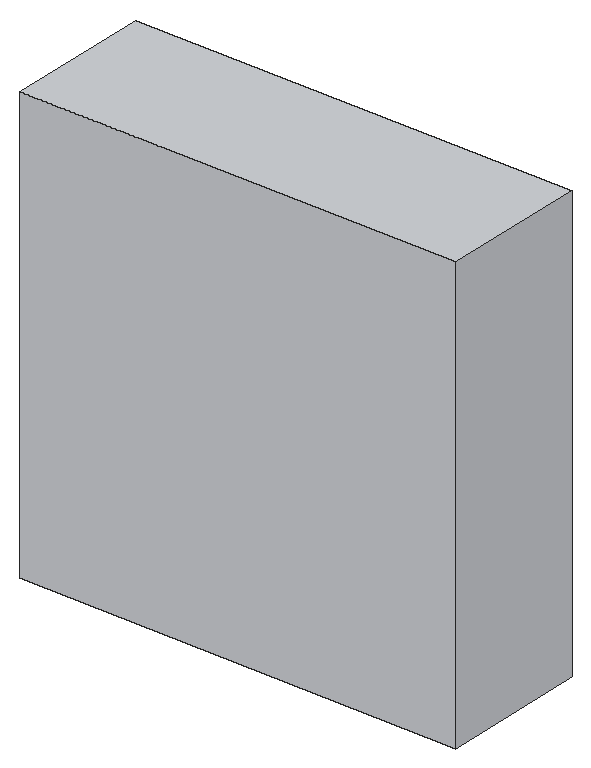
Revit family "АВЛН_Оборудование", category Мебель, Revit 2019
Family settings
  Номер OmniClass = 23.40.20.00
  Заголовок OmniClass = General Furniture and Specialties
  На основе рабочей плоскости = Нет
  Всегда вертикально = Да
  При загрузке вырезать с полостями = Нет
  Общий = Да
  Точка расчета площади = Нет
Parameters (values of type "Стойка для зарядки мобильных устройств")
  Целиндр = no
  Прямоугольник = yes
  Описание = "Стойка для зарядки мобильных устройств"
  Мыш компьютерная = no
  Монитор = no
  Куллер = no
  Компьютер Монитор Кронштейн = no
  Компьютер Монитор Клавиатура = no
  Type Comments = ""
  Keynote = ""
  Manufacturer = ""
  Группа модели = "Дополнительное оборудование"
  ADSK_Размер_Ширина = 300 mm
  ADSK_Размер_Длина = 100 mm
  ADSK_Размер_Высота = 300 mm
  ADSK_Обозначение = ""
  ADSK_Масса = 0
  ADSK_Код изделия = ""
  ADSK_Единица измерения = "шт"  # constant formula
Types (30, lengths in mm): name | Целиндр | Прямоугольник | Описание | Мыш компьютерная | Монитор | Куллер | Компьютер Монитор Кронштейн | Компьютер Монитор Клавиатура | Manufacturer | Группа модели | ADSK_Размер_Ширина | ADSK_Размер_Длина | ADSK_Размер_Высота | ADSK_Обозначение
  (no name) | no | yes | "Стойка для зарядки мобильных устройств" | no | no | no | no | no | "" | "Дополнительное оборудование" | 300 | 100 | 300 | ""
  Персональный компьютер Tiny | no | yes | "Персональный компьютер Tiny M710q I3-7100T 4Gb\r\n1TB Intel HD NoDVD INTEL_3165+BT_1X1AC USB\r\nKB&Mouse W10_P64-RUS 3Y on-site" | no | no | no | no | no | "Lenovo" | "Оборудование основных помещений школы" | 180 | 180 | 40 | "10MR005KRU"
  Клавиатура и мышь беспроводные | no | yes | "Клавиатура и мышь беспроводные" | yes | no | no | no | no | "Lenovo" | "Оборудование основных помещений школы" | 430 | 210 | 25 | "GX30N81780"
  Сетевой фильтр КОСМОС | no | yes | "Сетевой фильтр КОСМОС FKsm5m-5g(W) 5м 5 гнезд,\r\nбелый BL1" | no | no | no | no | no | "КОСМОС" | "Оборудование основных помещений школы" | 260 | 55 | 40 | "FKsm5m-5g(W)"
  Комплект электрооборудования для кабинета | no | yes | "Комплект электрооборудования для кабинета\r\nЭ1Ф; 1,4кВт" | no | no | no | no | no | "" | "Оборудование основных помещений школы" | 50 | 50 | 50 | "КЭСФ1-2"
  Чайник электрический | yes | no | "Чайник электрический, габариты 19х17х18см\r\nнагревательный элемент – скрытая спираль\r\nпокрытие нагревательного элемента – нержавеющая\r\nсталь\r\nобъем 1,7л 2200Вт;" | no | no | no | no | no | "Китай" | "Оборудование основных помещений школы" | 180 | 170 | 190 | "Tefal KI150D30"
  Микроволновая печь | no | yes | "Микроволновая печь; габ.45,2х26,2х33,5см" | no | no | no | no | no | "" | "Оборудование основных помещений школы" | 180 | 170 | 190 | "Gorenje MO17MW"
  Телевизор LED- 4K UHD | no | yes | "Телевизор LED- 4K UHD; габ.1128x658x86мм, Э1Ф;\r\n220В; 0,13кВт" | no | no | no | no | no | "Торговая сеть" | "Оборудование основных помещений школы" | 1130 | 86 | 660 | "LG 50UK6750"
  Кулер для воды напольный с нижней загрузкой | no | no | "Кулер для воды напольный с нижней загрузкой\r\nбутыли\r\nтип охлаждения - компрессорное\r\nподача воды - горячая/холодная/комнатная\r\nпараметры охлаждения - до 10 ºС; 2,5л/ч, 120Вт\r\nпараметры нагрева - от 87 ºС; 6л/ч; 650Вт\r\nгабариты 31х38,5см, 18кг" | no | no | yes | no | no | "" | "Оборудование основных помещений школы" | 320 | 380 | 1060 | "AEL LC-AEL-770 a\r\nblack"
  Электровафельница | no | yes | "Электровафельница Э1ф, 220 В, 0,8кВт" | no | no | no | no | no | "" | "Оборудование основных помещений школы" | 170 | 150 | 50 | ""
  Пароварка | no | yes | "Пароварка Э1ф, 220 В, 1,2кВт" | no | no | no | no | no | "" | "Оборудование основных помещений школы" | 30 | 30 | 35 | ""
  Кухонный комбайн | no | yes | "Кухонный комбайн Э1ф, 220 В, 0,8кВт" | no | no | no | no | no | "" | "Оборудование основных помещений школы" | 300 | 300 | 500 | ""
  Печь микроволновая | no | yes | "Печь микроволновая Э1ф, 220 В, 1,8кВт" | no | no | no | no | no | "" | "Оборудование основных помещений школы" | 180 | 170 | 190 | ""
  Облучатель-рециркулятор воздуха настенный | no | yes | "Облучатель-рециркулятор воздуха\r\nультрафиолетовый бактерицидный настенный\r\n\"ОРУБн-3-3-\"КРОНТ\" (Дезар-3) Э1Ф; 220В;\r\n0,003кВт\r\n890х370х140мм" | no | no | no | no | no | "«Медремкомплект»" | "Оборудование основных помещений школы" | 890 | 370 | 1400 | "ДЕЗАР-3"
  Облучатель-рециркулятор воздуха УФ-бактерицидный настенны | no | yes | "Облучатель-рециркулятор воздуха УФ\u0002бактерицидный настенный \"ОРУБн2-01 \"КРОНТ\"\r\n(Дезар-2)\r\nЭ1Ф; 230В; 35 Вт\r\n605х365х145мм" | no | no | no | no | no | "«Медремкомплект»" | "Оборудование основных помещений школы" | 605 | 370 | 1450 | "ДЕЗАР-2"
  Машина швейная бытовая с электроприводом | no | yes | "Машина швейная бытовая с электроприводом;\r\nЭ1Ф;0,27кВт" | no | no | no | no | no | "" | "Оборудование основных помещений школы" | 615 | 270 | 600 | ""
  Оверлог | no | yes | "Оверлог" | no | no | no | no | no | "" | "Оборудование основных помещений школы" | 615 | 270 | 600 | ""
  Аппарат для дистилляции воды, 4л/ч | no | yes | "Аппарат для дистилляции воды, 4л/ч;\r\nгаб.360х220х660мм, Э1Ф; 3 кВт" | no | no | no | no | no | "НПО \"Лаборкомплект\"" | "Оборудование основных помещений школы" | 360 | 220 | 660 | "ДЭ-4"
  Монитор T2224d | no | no | "Монитор T2224d, 21,5\" 16:9 IPS 1920x1080 7ms 1000:1\r\n250 178/178 VGA///DP//Tilt" | no | yes | no | no | no | "Lenovo" | "Оборудование основных помещений школы" | 550 | 30 | 510 | "61B1JAT1EU"
  Монитор DS-D5055FL | no | no | "Монитор DS-D5055FL; 240В; 190Вт" | no | yes | no | no | no | "Lenovo" | "Оборудование основных помещений школы" | 550 | 30 | 510 | "Lenovo\r\nHIKVISION"
  KB&Mouse W10 | no | yes | "KB&Mouse W10_P64-RUS 3Y on-site" | yes | no | no | no | no | "Lenovo" | "Оборудование основных помещений школы" | 430 | 210 | 25 | ""
  МОНИТОР ACER V176LB 17" | no | no | "МОНИТОР ACER V176LB 17\"\r\n(1280x1024/5ms/100M:1/D-Sub/Black/LED)" | no | yes | no | no | no | "Lenovo" | "Оборудование основных помещений школы" | 550 | 30 | 510 | ""
  Кронштейн DS-DM5555D | yes | no | "Кронштейн DS-DM5555D" | no | no | no | no | no | "Lenovo" | "Оборудование основных помещений школы" | 30 | 30 | 510 | "VESA"
  Персональный компьютер Монитор Кронштейн | no | yes | "Персональный компьютер Tiny M710q I3-7100T 4Gb\r\n1TB Intel HD NoDVD INTEL_3165+BT_1X1AC USB\r\nKB&Mouse W10_P64-RUS 3Y on-site\r\nМонитор DS-D5055FL; 240В; 190Вт\r\nКронштейн DS-DM5555D" | no | no | no | yes | no | "Lenovo" | "Оборудование основных помещений школы" | 180 | 180 | 40 | "Lenovo\r\nHIKVISION;\r\nVESA"
  Персональный компьютер Монитор Клавиатура | no | yes | "Персональный компьютер Tiny M710q I3-7100T 4Gb\r\n1TB Intel HD NoDVD INTEL_3165+BT_1X1AC USB\r\nKB&Mouse W10_P64-RUS 3Y on-site" | no | no | no | no | yes | "Lenovo" | "Оборудование основных помещений школы" | 180 | 180 | 40 | "10MR005KRU"
  Музыкальный центр | no | yes | "Музыкальный центр" | no | no | no | no | no | "" | "Оборудование Спортивной зоны" | 400 | 740 | 600 | ""
  МФУ (принтер, сканер, ксерокс) технология печати | no | yes | "МФУ (принтер, сканер, ксерокс) технология печати\r\n— ла-зерный, формат печати — A4" | no | no | no | no | no | "Xerox" | "Дополнительное оборудование" | 300 | 300 | 500 | "WorkCentre 3025BI"
  Интерактивная панель | no | yes | "Интерактивная панель" | no | no | no | no | no | "NEWLINE" | "Дополнительное оборудование" | 300 | 100 | 300 | "TRUTOUCH TT-\r\n6517FB"
  Интерактивная стойка со встроенным планшетом | no | yes | "Интерактивная стойка со встроенным планшетом" | no | no | no | no | no | "rektor.ru" | "Дополнительное оборудование" | 300 | 100 | 300 | "ZA010006655771RU"
  Стойка для зарядки мобильных устройств | no | yes | "Стойка для зарядки мобильных устройств" | no | no | no | no | no | "" | "Дополнительное оборудование" | 300 | 100 | 300 | ""
Reference planes
  plane 1 "По центру (Вперед/Назад)": y = 0
  plane 2: z = 0
  plane 3 "По центру (Влево/Вправо)": x = 0
  plane 4: z = 300
  plane 5: y = 50
  plane 6: x = 150
  plane 7: x = -150
  plane 8: y = -50
Forms (mm)
  Extrusion 1, solid, visible <- "Прямоугольник"
    sketch origin (0, -518.993, 592.976) x (-1, 0, 0) y (0, -1, 0)
      loop
        line (150, -568.993) -> (150, -468.993) -> (-150, -468.993) -> (-150, -568.993) -> (150, -568.993)
    from -592.976 to -292.976
  Extrusion 2, solid, visible <- "Целиндр"
    sketch origin (0, -518.993, 592.976) x (-1, 0, 0) y (0, -1, 0)
      loop
        circle (0, -518.993) r 150
    from -592.976 to -292.976
  Extrusion 3, solid, visible <- "Куллер"
    sketch origin (0, -518.993, 592.976) x (-1, 0, 0) y (0, -1, 0)
      loop
        arc (150, -453.993) -> (0, -303.993) -> (-150, -453.993) r 150
        line (-150, -453.993) -> (-150, -568.993) -> (150, -568.993) -> (150, -453.993)
    from -592.976 to -292.976
  Extrusion 4, solid, visible <- "Монитор"
    sketch origin (0, -518.993, 592.976) x (-1, 0, 0) y (0, -1, 0)
      loop
        line (44.997, -419.155) -> (-44.997, -419.155) -> (-44.997, -589.155) -> (44.997, -589.155) -> (44.997, -419.155)
    from -592.976 to -577.976
  Extrusion 5, solid, visible <- "Монитор"
    sketch origin (0, -518.993, 910.63) x (-1, 0, 0) y (0, -1, 0)
      loop
        line (-150, -468.993) -> (-150, -568.993) -> (150, -568.993) -> (150, -468.993) -> (-150, -468.993)
    from -780.63 to -610.63
  Extrusion 6, solid, visible <- "Монитор"
    sketch origin (0, -518.993, 592.976) x (-1, 0, 0) y (0, -1, 0)
      loop
        line (18.585, -568.993) -> (-18.585, -568.993) -> (-18.585, -589.155) -> (18.585, -589.155) -> (18.585, -568.993)
    from -577.976 to -262.976
Lines and regions (mm)
  symbolic lines, visible <- "Куллер"
    curve 1: circle (0, 0, 592.976) r 140 normal (0, 0, 1)
  symbolic lines, visible <- "Мыш компьютерная"
    curve 2: line (202.122, 16.517, 592.976) -> (262.122, 16.517, 592.976)
    curve 3: line (262.122, 16.517, 592.976) -> (271.18, 37.71, 592.976)
    curve 4: line (202.122, 16.517, 592.976) -> (193.063, -17.29, 592.976)
    curve 5: line (193.063, -17.29, 592.976) -> (193.063, -7.29, 592.976)
    curve 6: line (271.18, 37.71, 592.976) -> (271.18, -7.29, 592.976)
    curve 7: arc (193.063, -7.29, 592.976) -> (232.122, -46.349, 592.976) -> (271.18, -7.29, 592.976) r 39.059
Dimensions and locks
  plane 2 to plane 4 = 300 mm
  equal spacing: plane 5, plane 1 "По центру (Вперед/Назад)", plane 8
  equal spacing: plane 7, plane 3 "По центру (Влево/Вправо)", plane 6
  "ADSK_Размер_Ширина": plane 7 to plane 6
  "ADSK_Размер_Длина": plane 5 to plane 8
  "ADSK_Размер_Высота": level to plane 4
  equal spacing: Extrusion 4 sketch curve, plane 3 "По центру (Влево/Вправо)", Extrusion 4 sketch curve
  locked: Extrusion 4 to Extrusion 4 at 15
  Extrusion 5 sketch curve to Extrusion 5 sketch curve = 300 mm
  locked: Extrusion 2 to Extrusion 5 at 130
  equal spacing: Extrusion 6 sketch curve, plane 3 "По центру (Влево/Вправо)", Extrusion 6 sketch curve
  locked: level to Extrusion 6 at 330
  locked: plane 8 to nested 1 at 35
  locked: plane 3 "По центру (Влево/Вправо)" to nested 2 at 260  (x2)
  "ADSK_Размер_Ширина": diameter of Extrusion 2 sketch curve
  "ADSK_Размер_Ширина": diameter of Extrusion 3 sketch curve
  aligned and locked: level to plane 2
  aligned and locked: Extrusion 1 sketch curve to plane 5
  aligned and locked: plane 7 to Extrusion 1 sketch curve
  aligned and locked: plane 8 to Extrusion 1 sketch curve
  aligned and locked: Extrusion 1 sketch curve to plane 6
  aligned and locked: Extrusion 1 to level
  aligned and locked: Extrusion 1 to plane 4
  aligned and locked: Extrusion 2 to level
  aligned and locked: Extrusion 2 to plane 4
  aligned and locked: plane 5 to Extrusion 3 sketch curve
  aligned and locked: plane 6 to Extrusion 3 sketch curve
  aligned and locked: Extrusion 3 sketch curve to plane 7
  aligned and locked: Extrusion 3 to plane 4
  aligned and locked: Extrusion 3 to level
  aligned and locked: Extrusion 4 to level
  aligned and locked: Extrusion 5 to plane 7
  aligned and locked: plane 6 to Extrusion 5
  aligned and locked: Extrusion 5 to plane 4
  aligned and locked: plane 5 to Extrusion 5
  aligned and locked: Extrusion 5 to plane 8
  aligned and locked: Extrusion 6 sketch curve to plane 5
  aligned and locked: Extrusion 4 to Extrusion 6 sketch curve
  aligned and locked: Extrusion 6 to Extrusion 4
  aligned and locked: plane 5 to nested 2
  aligned and locked: nested 1 to plane 3 "По центру (Влево/Вправо)"
Automatic sketch dimensions
  Extrusion 4 sketch curve to plane 8 = 49.838 mm
  Extrusion 4 sketch curve to plane 6 = 105.003 mm
  plane 5 to Extrusion 4 sketch curve = 20.162 mm
  Extrusion 5 sketch curve to plane 5 = 0 mm
  Extrusion 5 sketch curve to plane 6 = 0 mm
  Extrusion 5 sketch curve to plane 8 = 0 mm
  plane 3 "По центру (Влево/Вправо)" to Extrusion 6 sketch curve = 18.585 mm
  plane 1 "По центру (Вперед/Назад)" to curve 1 = 0 mm
  curve 1 to plane 3 "По центру (Влево/Вправо)" = 0 mm
  plane 6 to curve 5 = 43.063 mm
  curve 2 to curve 4 = 9.059 mm
  plane 1 "По центру (Вперед/Назад)" to curve 7 = 7.29 mm
  curve 7 to curve 5 = 39.059 mm
  curve 3 to plane 1 "По центру (Вперед/Назад)" = 37.71 mm
  curve 3 to curve 2 = 9.059 mm
  curve 4 to plane 5 = 33.483 mm
  curve 2 to curve 5 = 33.807 mm
  plane 1 "По центру (Вперед/Назад)" to Extrusion 2 sketch curve = 0 mm
  Extrusion 2 sketch curve to plane 3 "По центру (Влево/Вправо)" = 0 mm
  Extrusion 3 sketch curve to plane 8 = 15 mm
  radius of curve 1 = 140 mm
Nested families
  nested 1: "Составные элементы" at (215, -190, 0), visible <- "Компьютер Монитор Кронштейн", type "KB&Mouse W10"
  nested 2: "Составные элементы" at (260, 14.838, 40), visible <- "Компьютер Монитор Кронштейн", type "Монитор DS-D5055FL"
  nested 3: "Составные элементы" at (260, 75, 0), visible <- "Компьютер Монитор Кронштейн", type "Кронштейн DS-DM5555D"
  nested 4: "Составные элементы" at (250, 30, 0), visible <- "Компьютер Монитор Клавиатура", type "МОНИТОР ACER V176LB 17""
  nested 5: "Составные элементы" at (250, -240, 0), visible <- "Компьютер Монитор Клавиатура", type "KB&Mouse W10"
Definition of nested family "Составные элементы"
  Parameters (values of type "KB&Mouse W10")
    Целиндр = no
    Прямоугольник = yes
    Description = "KB&Mouse W10_P64-RUS 3Y on-site"
    Мыш компьютерная = yes
    Монитор = no
    Куллер = no
    Type Comments = ""
    Keynote = ""
    Manufacturer = "Lenovo"
    Model = "Оборудование основных помещений школы"  # constant formula
    ADSK_Размер_Ширина = 430 mm
    ADSK_Размер_Длина = 210 mm
    ADSK_Размер_Высота = 25 mm
    ADSK_Обозначение = ""
    ADSK_Масса = 0
    ADSK_Код изделия = ""
    ADSK_Единица измерения = "шт"  # constant formula
  Types (22, lengths in mm): name | Целиндр | Прямоугольник | Description | Мыш компьютерная | Монитор | Куллер | Manufacturer | ADSK_Размер_Ширина | ADSK_Размер_Длина | ADSK_Размер_Высота | ADSK_Обозначение
    Персональный компьютер Tiny | no | yes | "Персональный компьютер Tiny M710q I3-7100T 4Gb\r\n1TB Intel HD NoDVD INTEL_3165+BT_1X1AC USB\r\nKB&Mouse W10_P64-RUS 3Y on-site" | no | no | no | "Lenovo" | 180 | 180 | 40 | "10MR005KRU"
    Клавиатура и мышь беспроводные | no | yes | "Клавиатура и мышь беспроводные" | yes | no | no | "Lenovo" | 430 | 210 | 25 | "GX30N81780"
    Сетевой фильтр КОСМОС | no | yes | "Сетевой фильтр КОСМОС FKsm5m-5g(W) 5м 5 гнезд,\r\nбелый BL1" | no | no | no | "КОСМОС" | 260 | 55 | 40 | "FKsm5m-5g(W)"
    Комплект электрооборудования для кабинета | no | yes | "Комплект электрооборудования для кабинета\r\nЭ1Ф; 1,4кВт" | no | no | no | "" | 50 | 50 | 50 | "КЭСФ1-2"
    Чайник электрический | yes | no | "Чайник электрический, габариты 19х17х18см\r\nнагревательный элемент – скрытая спираль\r\nпокрытие нагревательного элемента – нержавеющая\r\nсталь\r\nобъем 1,7л 2200Вт;" | no | no | no | "Китай" | 180 | 170 | 190 | "Tefal KI150D30"
    Микроволновая печь | no | yes | "Микроволновая печь; габ.45,2х26,2х33,5см" | no | no | no | "" | 180 | 170 | 190 | "Gorenje MO17MW"
    Телевизор LED- 4K UHD | no | yes | "Телевизор LED- 4K UHD; габ.1128x658x86мм, Э1Ф;\r\n220В; 0,13кВт" | no | no | no | "Торговая сеть" | 1130 | 86 | 660 | "LG 50UK6750"
    Кулер для воды напольный с нижней загрузкой | no | no | "Кулер для воды напольный с нижней загрузкой\r\nбутыли\r\nтип охлаждения - компрессорное\r\nподача воды - горячая/холодная/комнатная\r\nпараметры охлаждения - до 10 ºС; 2,5л/ч, 120Вт\r\nпараметры нагрева - от 87 ºС; 6л/ч; 650Вт\r\nгабариты 31х38,5см, 18кг" | no | no | yes | "" | 320 | 380 | 1060 | "AEL LC-AEL-770 a\r\nblack"
    Электровафельница | no | yes | "Электровафельница Э1ф, 220 В, 0,8кВт" | no | no | no | "" | 170 | 150 | 50 | ""
    Пароварка | no | yes | "Пароварка Э1ф, 220 В, 1,2кВт" | no | no | no | "" | 30 | 30 | 35 | ""
    Кухонный комбайн | no | yes | "Кухонный комбайн Э1ф, 220 В, 0,8кВт" | no | no | no | "" | 30 | 30 | 35 | ""
    Печь микроволновая | no | yes | "Печь микроволновая Э1ф, 220 В, 1,8кВт" | no | no | no | "" | 180 | 170 | 190 | ""
    Облучатель-рециркулятор воздуха настенный | no | yes | "Облучатель-рециркулятор воздуха\r\nультрафиолетовый бактерицидный настенный\r\n\"ОРУБн-3-3-\"КРОНТ\" (Дезар-3) Э1Ф; 220В;\r\n0,003кВт\r\n890х370х140мм" | no | no | no | "«Медремкомплект»" | 890 | 370 | 1400 | "ДЕЗАР-3"
    Облучатель-рециркулятор воздуха УФ-бактерицидный настенны | no | yes | "Облучатель-рециркулятор воздуха УФ\u0002бактерицидный настенный \"ОРУБн2-01 \"КРОНТ\"\r\n(Дезар-2)\r\nЭ1Ф; 230В; 35 Вт\r\n605х365х145мм" | no | no | no | "«Медремкомплект»" | 605 | 370 | 1450 | "ДЕЗАР-2"
    Машина швейная бытовая с электроприводом | no | yes | "Машина швейная бытовая с электроприводом;\r\nЭ1Ф;0,27кВт" | no | no | no | "" | 615 | 270 | 600 | ""
    Оверлог | no | yes | "Оверлог" | no | no | no | "" | 615 | 270 | 600 | ""
    Аппарат для дистилляции воды, 4л/ч | no | yes | "Аппарат для дистилляции воды, 4л/ч;\r\nгаб.360х220х660мм, Э1Ф; 3 кВт" | no | no | no | "НПО \"Лаборкомплект\"" | 360 | 220 | 660 | "ДЭ-4"
    Монитор T2224d | no | no | "Монитор T2224d, 21,5\" 16:9 IPS 1920x1080 7ms 1000:1\r\n250 178/178 VGA///DP//Tilt" | no | yes | no | "Lenovo" | 550 | 30 | 510 | "61B1JAT1EU"
    Монитор DS-D5055FL | no | no | "Монитор DS-D5055FL; 240В; 190Вт" | no | yes | no | "Lenovo" | 550 | 30 | 510 | "Lenovo\r\nHIKVISION"
    KB&Mouse W10 | no | yes | "KB&Mouse W10_P64-RUS 3Y on-site" | yes | no | no | "Lenovo" | 430 | 210 | 25 | ""
    МОНИТОР ACER V176LB 17" | no | no | "МОНИТОР ACER V176LB 17\"\r\n(1280x1024/5ms/100M:1/D-Sub/Black/LED)" | no | yes | no | "Lenovo" | 550 | 30 | 510 | ""
    Кронштейн DS-DM5555D | yes | no | "Кронштейн DS-DM5555D" | no | no | no | "Lenovo" | 30 | 30 | 510 | "VESA"
  Reference planes
    plane 1 "По центру (Вперед/Назад)": y = 0
    plane 2: z = 0
    plane 3 "По центру (Влево/Вправо)": x = 0
    plane 4: z = 25
    plane 5: y = 105
    plane 6: x = 215
    plane 7: x = -215
    plane 8: y = -105
  Forms (mm)
    Extrusion 1, solid, visible <- "Прямоугольник"
      sketch origin (0, -518.993, 592.976) x (-1, 0, 0) y (0, -1, 0)
        loop
          line (215, -623.993) -> (215, -413.993) -> (-215, -413.993) -> (-215, -623.993) -> (215, -623.993)
      from -592.976 to -567.976
    Extrusion 2, solid, visible <- "Мыш компьютерная"
      sketch origin (-60, -518.993, 592.976) x (-1, 0, 0) y (0, -1, 0)
        loop
          line (-312.595, -546.533) -> (-312.595, -518.993)
          arc (-312.595, -518.993) -> (-350.095, -481.493) -> (-387.595, -518.993) r 37.5
          line (-387.595, -518.993) -> (-387.595, -546.533) -> (-383.523, -585.283) -> (-316.668, -585.283) -> (-312.595, -546.533)
      from -592.976 to -567.976
    Extrusion 3, solid, visible <- "Целиндр"
      sketch origin (0, -518.993, 592.976) x (-1, 0, 0) y (0, -1, 0)
        loop
          circle (0, -518.993) r 215
      from -592.976 to -567.976
    Extrusion 4, solid, visible <- "Куллер"
      sketch origin (0, -518.993, 592.976) x (-1, 0, 0) y (0, -1, 0)
        loop
          arc (215, -398.993) -> (0, -183.993) -> (-215, -398.993) r 215
          line (-215, -398.993) -> (-215, -623.993) -> (215, -623.993) -> (215, -398.993)
      from -592.976 to -567.976
    Extrusion 5, solid, visible <- "Монитор"
      sketch origin (0, -518.993, 592.976) x (-1, 0, 0) y (0, -1, 0)
        loop
          line (109.997, -364.155) -> (-109.997, -364.155) -> (-109.997, -644.155) -> (109.997, -644.155) -> (109.997, -364.155)
      from -592.976 to -577.976
    Extrusion 6, solid, visible <- "Монитор"
      sketch origin (0, -518.993, 910.63) x (-1, 0, 0) y (0, -1, 0)
        loop
          line (-215, -413.993) -> (-215, -623.993) -> (215, -623.993) -> (215, -413.993) -> (-215, -413.993)
      from -780.63 to -885.63
    Extrusion 7, solid, visible <- "Монитор"
      sketch origin (0, -518.993, 592.976) x (-1, 0, 0) y (0, -1, 0)
        loop
          line (18.585, -623.993) -> (-18.585, -623.993) -> (-18.585, -644.155) -> (18.585, -644.155) -> (18.585, -623.993)
      from -577.976 to -262.976
  Lines and regions (mm)
    symbolic lines, visible <- "Куллер"
      curve 1: circle (0, 0, 592.976) r 140 normal (0, 0, 1)
    symbolic lines, visible <- "Мыш компьютерная", not visible
      curve 2: line (-199.905, 39.077, 592.976) -> (195.095, 39.077, 592.976)
      curve 3: line (-199.905, -80.923, 592.976) -> (-199.905, 39.077, 592.976)
      curve 4: line (195.095, -80.923, 592.976) -> (-199.905, -80.923, 592.976)
      curve 5: line (195.095, 39.077, 592.976) -> (195.095, -80.923, 592.976)
      curve 6: line (-200.524, 91.404, 592.976) -> (194.476, 91.404, 592.976)
      curve 7: line (-200.524, 61.404, 592.976) -> (-200.524, 91.404, 592.976)
      curve 8: line (194.476, 61.404, 592.976) -> (-200.524, 61.404, 592.976)
      curve 9: line (194.476, 91.404, 592.976) -> (194.476, 61.404, 592.976)
      curve 10: line (63.716, 39.077, 592.976) -> (115.079, 39.077, 592.976)
      curve 11: line (63.716, -80.923, 592.976) -> (63.716, 39.077, 592.976)
      curve 12: line (115.079, -80.923, 592.976) -> (63.716, -80.923, 592.976)
      curve 13: line (115.079, 39.077, 592.976) -> (115.079, -80.923, 592.976)
      curve 34: line (63.716, -20.923, 1185.952) -> (115.079, -20.923, 1185.952)
      curve 35: line (66.665, -80.923, 1185.952) -> (66.665, -65.923, 1185.952)
      curve 36: line (66.665, -65.923, 1185.952) -> (81.665, -65.923, 1185.952)
      curve 37: line (81.665, -65.923, 1185.952) -> (81.665, -50.923, 1185.952)
      curve 38: line (81.665, -50.923, 1185.952) -> (96.665, -50.923, 1185.952)
      curve 39: line (96.665, -50.923, 1185.952) -> (96.665, -65.923, 1185.952)
      curve 40: line (96.665, -65.923, 1185.952) -> (111.665, -65.923, 1185.952)
      curve 41: line (111.665, -65.923, 1185.952) -> (111.665, -80.923, 1185.952)
    symbolic lines, visible <- "Мыш компьютерная"
      curve 14: line (-199.905, 39.077, 0) -> (195.095, 39.077, 0)
      curve 15: line (-199.905, -80.923, 0) -> (-199.905, 39.077, 0)
      curve 16: line (195.095, -80.923, 0) -> (-199.905, -80.923, 0)
      curve 17: line (195.095, 39.077, 0) -> (195.095, -80.923, 0)
      curve 18: line (-200.524, 91.404, 0) -> (194.476, 91.404, 0)
      curve 19: line (-200.524, 61.404, 0) -> (-200.524, 91.404, 0)
      curve 20: line (194.476, 61.404, 0) -> (-200.524, 61.404, 0)
      curve 21: line (194.476, 91.404, 0) -> (194.476, 61.404, 0)
      curve 22: line (63.716, 39.077, 0) -> (115.079, 39.077, 0)
      curve 23: line (63.716, -80.923, 0) -> (63.716, 39.077, 0)
      curve 24: line (115.079, -80.923, 0) -> (63.716, -80.923, 0)
      curve 25: line (115.079, 39.077, 0) -> (115.079, -80.923, 0)
      curve 26: line (63.716, -20.923, 592.976) -> (115.079, -20.923, 592.976)
      curve 27: line (66.665, -80.923, 592.976) -> (66.665, -65.923, 592.976)
      curve 28: line (66.665, -65.923, 592.976) -> (81.665, -65.923, 592.976)
      curve 29: line (81.665, -65.923, 592.976) -> (81.665, -50.923, 592.976)
      curve 30: line (81.665, -50.923, 592.976) -> (96.665, -50.923, 592.976)
      curve 31: line (96.665, -50.923, 592.976) -> (96.665, -65.923, 592.976)
      curve 32: line (96.665, -65.923, 592.976) -> (111.665, -65.923, 592.976)
      curve 33: line (111.665, -65.923, 592.976) -> (111.665, -80.923, 592.976)
  Dimensions and locks
    plane 2 to plane 4 = 25 mm
    equal spacing: plane 5, plane 1 "По центру (Вперед/Назад)", plane 8
    equal spacing: plane 7, plane 3 "По центру (Влево/Вправо)", plane 6
    "ADSK_Размер_Ширина": plane 7 to plane 6
    "ADSK_Размер_Длина": plane 5 to plane 8
    "ADSK_Размер_Высота": level to plane 4
    equal spacing: Extrusion 5 sketch curve, plane 3 "По центру (Влево/Вправо)", Extrusion 5 sketch curve
    locked: Extrusion 5 to Extrusion 5 at 15
    Extrusion 6 sketch curve to Extrusion 6 sketch curve = 430 mm
    locked: Extrusion 3 to Extrusion 6 at 130
    equal spacing: Extrusion 7 sketch curve, plane 3 "По центру (Влево/Вправо)", Extrusion 7 sketch curve
    locked: level to Extrusion 7 at 330
    locked: Extrusion 2 sketch curve to Extrusion 2 sketch curve at 103.79
    locked: plane 6 to Extrusion 2 sketch curve at 75.095
    "ADSK_Размер_Ширина": diameter of Extrusion 3 sketch curve
    "ADSK_Размер_Ширина": diameter of Extrusion 4 sketch curve
    aligned and locked: level to plane 2
    aligned and locked: Extrusion 1 sketch curve to plane 5
    aligned and locked: plane 7 to Extrusion 1 sketch curve
    aligned and locked: plane 8 to Extrusion 1 sketch curve
    aligned and locked: Extrusion 1 sketch curve to plane 6
    aligned and locked: Extrusion 1 to level
    aligned and locked: Extrusion 1 to plane 4
    aligned and locked: Extrusion 2 to level
    aligned and locked: Extrusion 2 to plane 4
    aligned and locked: Extrusion 3 to level
    aligned and locked: Extrusion 3 to plane 4
    aligned and locked: plane 5 to Extrusion 4 sketch curve
    aligned and locked: plane 6 to Extrusion 4 sketch curve
    aligned and locked: Extrusion 4 sketch curve to plane 7
    aligned and locked: Extrusion 4 to plane 4
    aligned and locked: Extrusion 4 to level
    aligned and locked: Extrusion 5 to level
    aligned and locked: Extrusion 6 to plane 7
    aligned and locked: plane 6 to Extrusion 6
    aligned and locked: Extrusion 6 to plane 4
    aligned and locked: plane 5 to Extrusion 6
    aligned and locked: Extrusion 6 to plane 8
    aligned and locked: Extrusion 7 sketch curve to plane 5
    aligned and locked: Extrusion 5 to Extrusion 7 sketch curve
    aligned and locked: Extrusion 7 to Extrusion 5
  Automatic sketch dimensions
    Extrusion 2 sketch curve to plane 5 = 77.46 mm  (x2)
    Extrusion 2 sketch curve to Extrusion 2 sketch curve = 4.073 mm  (x2)
    Extrusion 2 sketch curve to Extrusion 2 sketch curve = 37.5 mm
    Extrusion 2 sketch curve to Extrusion 2 sketch curve = 38.75 mm
    Extrusion 5 sketch curve to plane 8 = 49.838 mm
    plane 3 "По центру (Влево/Вправо)" to Extrusion 5 sketch curve = 109.997 mm
    plane 5 to Extrusion 5 sketch curve = 20.162 mm
    plane 5 to Extrusion 6 sketch curve = 0 mm
    plane 6 to Extrusion 6 sketch curve = 0 mm
    Extrusion 6 sketch curve to plane 8 = 0 mm
    plane 3 "По центру (Влево/Вправо)" to Extrusion 7 sketch curve = 18.585 mm
    plane 1 "По центру (Вперед/Назад)" to curve 1 = 0 mm
    curve 1 to plane 3 "По центру (Влево/Вправо)" = 0 mm
    curve 30 to curve 29 = 15 mm
    curve 28 to curve 27 = 15 mm
    curve 29 to curve 29 = 15 mm
    curve 28 to curve 31 = 0 mm
    curve 33 to curve 31 = 15 mm
    curve 26 to curve 30 = 18.414 mm
    curve 29 to curve 26 = 17.949 mm
    curve 26 to curve 29 = 30 mm
    curve 32 to curve 33 = 15 mm
    curve 27 to curve 27 = 15 mm
    curve 38 to curve 37 = 15 mm
    curve 36 to curve 35 = 15 mm
    curve 37 to curve 37 = 15 mm
    curve 36 to curve 39 = 0 mm
    curve 41 to curve 39 = 15 mm
    curve 34 to curve 38 = 18.414 mm
    curve 37 to curve 34 = 17.949 mm
    curve 34 to curve 37 = 30 mm
    curve 40 to curve 41 = 15 mm
    curve 35 to curve 35 = 15 mm
    plane 1 "По центру (Вперед/Назад)" to Extrusion 3 sketch curve = 0 mm
    Extrusion 3 sketch curve to plane 3 "По центру (Влево/Вправо)" = 0 mm
    Extrusion 4 sketch curve to plane 8 = 15 mm
    radius of curve 1 = 140 mm
